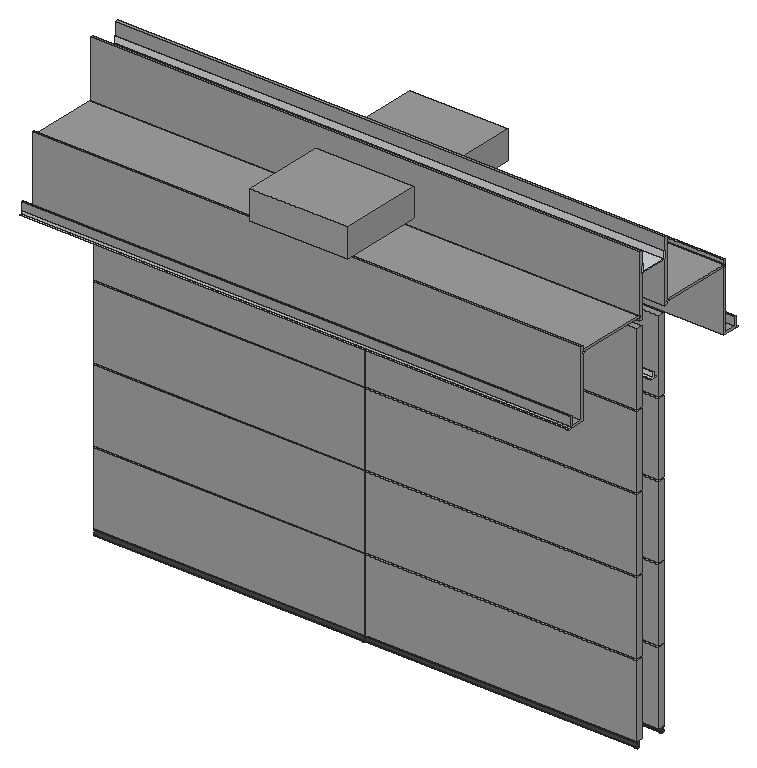
Revit family "Partition-5_Panels_High-Skyfold_Classic_Compact-8-1_to_10-0_FC_2450_to_3050", category Generic Models, host Ceiling, Revit 2026 (continued)
Definition of nested family "2D Unfold Panels"
  Automatic sketch dimensions
    plane 4 to curve 13 = 0' - 2.77214"
    curve 1 to plane 4 = 0' - 3.56444"
    curve 1 to curve 2 = 0' - 0"  (x2)
    curve 15 to plane 4 = 0' - 3.56444"
    curve 16 to curve 15 = 0' - 0"  (x2)
    plane 3 to curve 2 = 0' - 4.24641"
    plane 3 to curve 15 = 0' - 4.24641"
  Nested families (in)
    nested 1: "vert fin bas" at (-0.20492, -38.25643, 0), type "vert fin bas", in view "Ref. Level"
    nested 2: "vert biseau" at (0.14788, -19.00081, 0), type "vert biseau", in view "Ref. Level"
    nested 3: "vert levres" at (0.09582, 8.32838, 0), type "vert levres", in view "Ref. Level"
    nested 4: "vert levres" at (0.09582, 62.32838, 0), type "vert levres", in view "Ref. Level"
    nested 5: "vert biseau" at (0.14788, 34.99919, 0), type "vert biseau", in view "Ref. Level"
    nested 6: "vert fin haut" at (0.63211, 87.75643, 0), type "vert fin haut", in view "Ref. Level"
  Definition of nested family "vert fin bas"
    Parameters
      Wall thickness = 0' - 11 3/4"
      Assembly Code = ""
    Reference planes (in)
      plane 1 "Center (Front/Back)": y = 0
      plane 2: z = 0
      plane 3 "Center (Left/Right)": x = 0.40002
      plane 4: x = -5.47498
      plane 5: x = 6.27502
    Lines and regions (in)
      model lines, in view "Ref. Level"
        curve 1: arc (-5.46512, -5.84526, 0) -> (-5.03544, -6.27494, 0) -> (-4.60575, -5.84526, 0) r 0.42968
        curve 2: line (-5.47498, 0.00284, 0) -> (-5.47498, -4.27482, 0)
        curve 3: line (-5.47498, -4.27482, 0) -> (-5.22497, -4.27482, 0)
        curve 4: line (-5.22497, -4.27482, 0) -> (-5.46512, -5.84526, 0)
        curve 5: line (-4.60575, -5.84526, 0) -> (-4.85481, -4.24357, 0)
        curve 6: line (-4.85481, -4.24357, 0) -> (-4.24567, -4.24357, 0)
        curve 7: line (-4.24567, -4.24357, 0) -> (-3.22487, -3.22277, 0)
        curve 8: line (-3.22487, -3.22277, 0) -> (-3.22487, 0.00284, 0)
        curve 9: arc (0.90004, -6.01609, 0) -> (1.25205, -5.87118, 0) -> (1.40004, -5.52045, 0) r 0.50003
        curve 10: arc (1.40004, -5.52045, 0) -> (1.38599, -5.43168, 0) -> (1.33756, -5.35598, 0) r 0.21963
        curve 11: arc (-0.53754, -5.35598, 0) -> (-0.58597, -5.43168, 0) -> (-0.60002, -5.52045, 0) r 0.21963
        curve 12: arc (-0.60002, -5.52045, 0) -> (-0.45203, -5.87118, 0) -> (-0.10001, -6.01609, 0) r 0.50003
        curve 13: arc (0.15, -4.98096, 0) -> (0.23839, -4.94435, 0) -> (0.275, -4.85595, 0) r 0.12501
        curve 14: arc (0.52502, -4.85595, 0) -> (0.56163, -4.94435, 0) -> (0.65002, -4.98096, 0) r 0.12501
        curve 15: arc (-0.60004, -4.85595, 0) -> (-0.68843, -4.89257, 0) -> (-0.72505, -4.98096, 0) r 0.12501
        curve 16: arc (-0.72505, -5.51606, 0) -> (-0.54198, -5.95803, 0) -> (-0.10001, -6.14109, 0) r 0.62503
        curve 17: arc (0.90004, -6.14109, 0) -> (1.342, -5.95803, 0) -> (1.52507, -5.51606, 0) r 0.62503
        curve 18: arc (1.52507, -4.98096, 0) -> (1.48845, -4.89257, 0) -> (1.40006, -4.85595, 0) r 0.12501
        curve 19: line (-0.10001, -6.01609, 0) -> (0.90004, -6.01609, 0)
        curve 20: line (1.33756, -5.35598, 0) -> (-0.53754, -5.35598, 0)
        curve 21: line (0.65002, -4.98096, 0) -> (1.40006, -4.98096, 0)
        curve 22: line (1.40006, -4.98096, 0) -> (1.40006, -5.23097, 0)
        curve 23: line (1.40006, -5.23097, 0) -> (-0.60004, -5.23097, 0)
        curve 24: line (-0.60004, -5.23097, 0) -> (-0.60004, -4.98096, 0)
        curve 25: line (-0.60004, -4.98096, 0) -> (0.15, -4.98096, 0)
        curve 26: line (0.275, -4.85595, 0) -> (0.275, -3.23087, 0)
        curve 27: line (0.275, -3.23087, 0) -> (0.52502, -3.23087, 0)
        curve 28: line (0.52502, -3.23087, 0) -> (0.52502, -4.85595, 0)
        curve 29: line (-0.35003, -4.98096, 0) -> (-0.35003, -4.85595, 0)
        curve 30: line (-0.35003, -4.85595, 0) -> (-0.60004, -4.85595, 0)
        curve 31: line (-0.72505, -4.98096, 0) -> (-0.72505, -5.51606, 0)
        curve 32: line (-0.10001, -6.14109, 0) -> (0.90004, -6.14109, 0)
        curve 33: line (1.52507, -5.51606, 0) -> (1.52507, -4.98096, 0)
        curve 34: line (1.40006, -4.85595, 0) -> (1.15005, -4.85595, 0)
        curve 35: line (1.15005, -4.85595, 0) -> (1.15005, -4.98096, 0)
      detail lines, in view "Ref. Level"
        curve 36: arc (6.26516, -5.84526, 0) -> (5.83548, -6.27494, 0) -> (5.4058, -5.84526, 0) r 0.42968
        curve 37: line (6.27502, 0.00284, 0) -> (6.27502, -4.27482, 0)
        curve 38: line (6.27502, -4.27482, 0) -> (6.02501, -4.27482, 0)
        curve 39: line (6.02501, -4.27482, 0) -> (6.26516, -5.84526, 0)
        curve 40: line (5.4058, -5.84526, 0) -> (5.65485, -4.24357, 0)
        curve 41: line (5.65485, -4.24357, 0) -> (5.04571, -4.24357, 0)
        curve 42: line (5.04571, -4.24357, 0) -> (4.02491, -3.22277, 0)
        curve 43: line (4.02491, -3.22277, 0) -> (4.02491, 0.00284, 0)
    Dimensions and locks (in)
      equal spacing: plane 4, plane 3 "Center (Left/Right)", plane 5
      "Wall thickness": plane 4 to plane 5
    Automatic sketch dimensions
      curve 9 to curve 17 = 0' - 0"  (x2)
      curve 12 to curve 16 = 0' - 0"  (x2)
      curve 2 to plane 4 = 0' - 0"
      curve 37 to plane 5 = 0' - 0"
      plane 4 to curve 4 = 0' - 0.00986"
      curve 2 to curve 4 = 0' - 0 1/4"
      curve 1 to curve 1 = 0' - 0 55/128"
      curve 3 to curve 5 = 0' - 0.37016"
      curve 5 to curve 6 = 0' - 0.60914"
      curve 6 to curve 8 = 0' - 1.0208"
      curve 31 to plane 3 "Center (Left/Right)" = 0' - 1.12507"
      curve 15 to curve 24 = 0' - 0 1/8"
      curve 15 to curve 24 = 0' - 0"  (x2)
      curve 31 to curve 11 = 0' - 0.12503"
      curve 23 to curve 20 = 0' - 0 1/16"
      curve 12 to curve 11 = 0' - 0.21937"
      curve 24 to curve 29 = 0' - 0 1/4"
      curve 12 to plane 3 "Center (Left/Right)" = 0' - 0.50004"
      curve 13 to plane 3 "Center (Left/Right)" = 0' - 0.25002"
      curve 26 to plane 3 "Center (Left/Right)" = 0' - 0 1/8"
      plane 3 "Center (Left/Right)" to curve 28 = 0' - 0 1/8"
      curve 14 to curve 21 = 0' - 0 1/8"
      plane 3 "Center (Left/Right)" to curve 32 = 0' - 0 1/2"
      curve 14 to curve 34 = 0' - 0.50002"
      curve 9 to curve 10 = 0' - 0.28063"
      curve 10 to curve 20 = 0' - 0.15689"
      curve 10 to curve 10 = 0' - 0 1/16"
      curve 35 to curve 21 = 0' - 0 1/4"
      curve 18 to curve 21 = 0' - 0"
      curve 9 to curve 17 = 0' - 0.12503"
      curve 43 to plane 5 = 0' - 2.25011"
      curve 42 to plane 5 = 0' - 1.22931"
      curve 40 to plane 5 = 0' - 0.86922"
      curve 41 to curve 40 = 0' - 0.60914"
      curve 36 to curve 36 = 0' - 0 55/128"
      curve 38 to plane 5 = 0' - 0 1/4"
      plane 1 "Center (Front/Back)" to curve 32 = 0' - 6.14109"
      curve 32 to curve 19 = 0' - 0 1/8"
      curve 36 to curve 17 = 0' - 0.3292"
      curve 5 to curve 16 = 0' - 0.3292"
      curve 12 to curve 11 = 0' - 0.01076"
      curve 20 to curve 23 = 0' - 0 1/8"
      curve 22 to curve 33 = 0' - 0 1/4"
      curve 12 to curve 25 = 0' - 0.5351"
      curve 14 to curve 13 = 0' - 0 1/8"
      curve 1 to curve 3 = 0' - 1.57044"
      curve 36 to curve 39 = 0' - 1.57044"
      curve 38 to curve 42 = 0' - 0 1/32"
      curve 3 to curve 7 = 0' - 0 1/32"
      curve 13 to curve 26 = 0' - 1.62508"
      curve 41 to curve 42 = 0' - 1.0208"
      curve 6 to curve 7 = 0' - 1.0208"
      curve 8 to plane 1 "Center (Front/Back)" = 0' - 0.00284"
      curve 37 to plane 1 "Center (Front/Back)" = 0' - 0.00284"
      curve 2 to plane 1 "Center (Front/Back)" = 0' - 0.00284"
      curve 43 to plane 1 "Center (Front/Back)" = 0' - 0.00284"
  Definition of nested family "vert biseau"
    Parameters
      Wall thickness = 0' - 11 3/4"
      Assembly Code = ""
    Reference planes (in)
      plane 1 "Center (Front/Back)": y = 0
      plane 2: z = 0
      plane 3 "Center (Left/Right)": x = 0.04723
      plane 4: x = -5.82777
      plane 5: x = 5.92223
    Lines and regions (in)
      model lines, in view "Ref. Level"
        curve 1: line (-3.57766, -0.0343, 0) -> (-3.57766, 2.19877, 0)
        curve 2: line (-3.57766, 2.19877, 0) -> (-4.3797, 3.00081, 0)
        curve 3: line (-4.3797, 3.00081, 0) -> (-5.82777, 3.00081, 0)
        curve 4: line (-5.82777, 3.00081, 0) -> (-5.82777, -0.0343, 0)
        curve 5: line (-5.82777, 7.20679, 0) -> (-5.82777, 3.50083, 0)
        curve 6: line (-5.82777, 3.50083, 0) -> (-4.3797, 3.50083, 0)
        curve 7: line (-4.3797, 3.50083, 0) -> (-3.57766, 4.30287, 0)
        curve 8: line (-3.57766, 4.30287, 0) -> (-3.57766, 7.20679, 0)
      detail lines, in view "Ref. Level"
        curve 9: line (3.67212, -0.0343, 0) -> (3.67212, 2.19877, 0)
        curve 10: line (3.67212, 2.19877, 0) -> (4.47416, 3.00081, 0)
        curve 11: line (4.47416, 3.00081, 0) -> (5.92223, 3.00081, 0)
        curve 12: line (5.92223, 3.00081, 0) -> (5.92223, -0.0343, 0)
        curve 13: line (5.92223, 7.20679, 0) -> (5.92223, 3.50083, 0)
        curve 14: line (5.92223, 3.50083, 0) -> (4.47416, 3.50083, 0)
        curve 15: line (4.47416, 3.50083, 0) -> (3.67212, 4.30287, 0)
        curve 16: line (3.67212, 4.30287, 0) -> (3.67212, 7.20679, 0)
    Dimensions and locks (in)
      "Wall thickness": plane 4 to plane 5
      equal spacing: plane 4, plane 3 "Center (Left/Right)", plane 5
    Automatic sketch dimensions
      curve 5 to plane 4 = 0' - 0"
      curve 4 to plane 4 = 0' - 0"
      curve 13 to plane 5 = 0' - 0"
      curve 12 to plane 5 = 0' - 0"
      curve 3 to curve 2 = 0' - 1.44807"
      curve 7 to curve 2 = 0' - 0"
      curve 2 to curve 1 = 0' - 0.80204"
      curve 6 to curve 7 = 0' - 0.80204"  (x2)
      plane 1 "Center (Front/Back)" to curve 9 = 0' - 0.0343"
      curve 9 to curve 12 = 0' - 2.25011"
      curve 16 to curve 9 = 0' - 0"
      curve 9 to curve 11 = 0' - 0.80204"
      curve 15 to curve 10 = 0' - 0"
      plane 1 "Center (Front/Back)" to curve 12 = 0' - 0.0343"
      plane 1 "Center (Front/Back)" to curve 1 = 0' - 0.0343"
      plane 1 "Center (Front/Back)" to curve 4 = 0' - 0.0343"
      curve 10 to plane 1 "Center (Front/Back)" = 0' - 2.19877"
      curve 2 to plane 1 "Center (Front/Back)" = 0' - 2.19877"
      curve 9 to curve 12 = 0' - 0.80204"
      curve 1 to curve 4 = 0' - 0.80204"
      curve 3 to curve 5 = 0' - 0.50003"
      curve 11 to curve 14 = 0' - 0.50003"
      curve 14 to curve 16 = 0' - 0.80204"
      curve 7 to curve 5 = 0' - 2.90391"
      curve 15 to curve 13 = 0' - 2.90391"
      curve 5 to curve 8 = 0' - 0"
      curve 16 to curve 13 = 0' - 0"
  Definition of nested family "vert levres"
    Parameters
      Wall thickness = 0' - 11 3/4"
      Assembly Code = ""
    Reference planes (in)
      plane 1 "Center (Front/Back)": y = 0
      plane 2: z = 0
      plane 3 "Center (Left/Right)": x = 0.09928
      plane 4: x = -5.77572
      plane 5: x = 5.97428
    Lines and regions (in)
      model lines, in view "Ref. Level"
        curve 1: line (-5.52571, 3.18965, 0) -> (-5.52571, 2.67162, 0)
        curve 2: line (-5.52571, 2.67162, 0) -> (-5.52571, 3.18965, 0)
        curve 3: line (-5.52571, 3.18965, 0) -> (-5.77572, 3.18965, 0)
        curve 4: line (-5.77572, 3.18965, 0) -> (-5.77572, -0.10051, 0)
        curve 5: line (-5.77572, 6.75409, 0) -> (-5.77572, 3.68967, 0)
        curve 6: line (-5.77572, 3.68967, 0) -> (-3.52561, 3.68967, 0)
        curve 7: line (-3.52561, 3.68967, 0) -> (-3.52561, 6.75409, 0)
        curve 8: line (-3.52561, -0.10051, 0) -> (-3.52561, 2.67162, 0)
        curve 9: line (-3.52561, 2.67162, 0) -> (-5.52571, 2.67162, 0)
      detail lines, in view "Ref. Level"
        curve 10: line (5.72427, 3.18965, 0) -> (5.72427, 2.67162, 0)
        curve 11: line (5.72427, 2.67162, 0) -> (5.72427, 3.18965, 0)
        curve 12: line (5.72427, 3.18965, 0) -> (5.97428, 3.18965, 0)
        curve 13: line (5.97428, 3.18965, 0) -> (5.97428, -0.10051, 0)
        curve 14: line (5.97428, 6.75409, 0) -> (5.97428, 3.68967, 0)
        curve 15: line (5.97428, 3.68967, 0) -> (3.72417, 3.68967, 0)
        curve 16: line (3.72417, 3.68967, 0) -> (3.72417, 6.75409, 0)
        curve 17: line (3.72417, -0.10051, 0) -> (3.72417, 2.67162, 0)
        curve 18: line (3.72417, 2.67162, 0) -> (5.72427, 2.67162, 0)
    Dimensions and locks (in)
      equal spacing: plane 4, plane 3 "Center (Left/Right)", plane 5
      "Wall thickness": plane 4 to plane 5
    Automatic sketch dimensions
      curve 5 to plane 4 = 0' - 0"
      curve 4 to plane 4 = 0' - 0"
      curve 14 to plane 5 = 0' - 0"
      curve 13 to plane 5 = 0' - 0"
      plane 4 to curve 2 = 0' - 0 1/4"
      plane 4 to curve 7 = 0' - 2.25011"
      plane 1 "Center (Front/Back)" to curve 8 = 0' - 0.10051"
      curve 4 to curve 8 = 0' - 2.25011"
      curve 18 to plane 5 = 0' - 2.25011"
      curve 16 to curve 17 = 0' - 0"
      curve 11 to curve 12 = 0' - 0 1/4"
      plane 1 "Center (Front/Back)" to curve 4 = 0' - 0.10051"
      plane 1 "Center (Front/Back)" to curve 13 = 0' - 0.10051"
      plane 1 "Center (Front/Back)" to curve 17 = 0' - 0.10051"
      curve 9 to plane 1 "Center (Front/Back)" = 0' - 2.67162"
      curve 10 to plane 1 "Center (Front/Back)" = 0' - 2.67162"
      curve 1 to curve 4 = 0' - 0.51803"
      curve 10 to curve 10 = 0' - 0.51803"
      curve 8 to curve 7 = 0' - 1.01805"
      curve 12 to curve 14 = 0' - 0.50002"
      curve 14 to curve 14 = 0' - 3.06441"
      curve 5 to curve 5 = 0' - 3.06441"
      curve 5 to curve 7 = 0' - 0"
      curve 16 to curve 14 = 0' - 0"
  Definition of nested family "vert fin haut"
    Parameters
      Wall thickness = 0' - 11 3/4"
      Assembly Code = ""
    Reference planes (in)
      plane 1 "Center (Front/Back)": y = 0
      plane 2: z = 0
      plane 3 "Center (Left/Right)": x = -0.43701
      plane 4: x = -6.31201
      plane 5: x = 5.43799
    Lines and regions (in)
      detail lines, in view "Ref. Level"
        curve 1: arc (-6.30215, 5.84526, 0) -> (-5.87246, 6.27494, 0) -> (-5.44278, 5.84526, 0) r 0.42968
        curve 2: line (-6.31201, -0.00284, 0) -> (-6.31201, 4.27482, 0)
        curve 3: line (-6.31201, 4.27482, 0) -> (-6.06199, 4.27482, 0)
        curve 4: line (-6.06199, 4.27482, 0) -> (-6.30215, 5.84526, 0)
        curve 5: line (-5.44278, 5.84526, 0) -> (-5.69183, 4.24357, 0)
        curve 6: line (-5.69183, 4.24357, 0) -> (-5.0827, 4.24357, 0)
        curve 7: line (-5.0827, 4.24357, 0) -> (-4.06189, 3.22277, 0)
        curve 8: line (-4.06189, 3.22277, 0) -> (-4.06189, -0.00284, 0)
        curve 9: arc (5.42813, 5.84526, 0) -> (4.99845, 6.27494, 0) -> (4.56877, 5.84526, 0) r 0.42968
        curve 10: line (5.43799, -0.00284, 0) -> (5.43799, 4.27482, 0)
        curve 11: line (5.43799, 4.27482, 0) -> (5.18798, 4.27482, 0)
        curve 12: line (5.18798, 4.27482, 0) -> (5.42813, 5.84526, 0)
        curve 13: line (4.56877, 5.84526, 0) -> (4.81782, 4.24357, 0)
        curve 14: line (4.81782, 4.24357, 0) -> (4.20868, 4.24357, 0)
        curve 15: line (4.20868, 4.24357, 0) -> (3.18788, 3.22277, 0)
        curve 16: line (3.18788, 3.22277, 0) -> (3.18788, -0.00284, 0)
    Dimensions and locks (in)
      equal spacing: plane 4, plane 3 "Center (Left/Right)", plane 5
      "Wall thickness": plane 4 to plane 5
    Automatic sketch dimensions
      curve 2 to plane 4 = 0' - 0"
      curve 10 to plane 5 = 0' - 0"
      plane 4 to curve 1 = 0' - 0.00986"
      plane 4 to curve 3 = 0' - 0 1/4"
      curve 1 to curve 1 = 0' - 0 55/128"
      curve 3 to curve 5 = 0' - 0.37016"
      curve 5 to curve 6 = 0' - 0.60914"
      curve 6 to curve 8 = 0' - 1.0208"
      plane 1 "Center (Front/Back)" to curve 16 = 0' - 0.00284"
      curve 16 to curve 10 = 0' - 2.25011"
      curve 15 to plane 5 = 0' - 1.22931"
      curve 9 to plane 5 = 0' - 0.86922"
      curve 14 to curve 14 = 0' - 0.60914"
      curve 9 to curve 9 = 0' - 0 55/128"
      curve 12 to curve 10 = 0' - 0 1/4"
      plane 1 "Center (Front/Back)" to curve 10 = 0' - 0.00284"
      plane 1 "Center (Front/Back)" to curve 8 = 0' - 0.00284"
      plane 1 "Center (Front/Back)" to curve 2 = 0' - 0.00284"
      curve 16 to plane 1 "Center (Front/Back)" = 0' - 3.22277"
      curve 7 to plane 1 "Center (Front/Back)" = 0' - 3.22277"
      curve 15 to curve 14 = 0' - 1.0208"
      curve 7 to curve 5 = 0' - 1.0208"
      curve 5 to curve 3 = 0' - 0 1/32"
      curve 13 to curve 12 = 0' - 0 1/32"
      curve 2 to curve 1 = 0' - 1.57044"
      curve 10 to curve 12 = 0' - 1.57044"
Definition of nested family "Suspended Ceiling Component"
  Parameters
    Assembly Code = ""
  Reference planes (in)
    plane 1 "Centre (avant/arrière)": y = 0
    plane 2: z = 0
    plane 3 "Centre (gauche/droite)": x = 0
Definition of nested family "construction as per ASTM E557 Component"
  Parameters
    Assembly Code = ""
  Reference planes (in)
    plane 1 "Centre (avant/arrière)": y = 0
    plane 2: z = 0
    plane 3 "Centre (gauche/droite)": x = 0
Definition of nested family "Disclaimer Component"
  Parameters
    Assembly Code = ""
  Reference planes (in)
    plane 1 "Centre (avant/arrière)": y = 0
    plane 2: z = 0
    plane 3 "Centre (gauche/droite)": x = 0
Types (5): name | Total Panel Height | Panel Array | Center Pantograph Visibility | Total Wall Length | Pocket Width"E" | Pocket Depth"D" | Panel Length | Panel Height"F" | Offset From Ceiling | Center Pantographs | Number Of Panels | Motor Positionning | Height Between Panels | Distance Between Panels | Finished Ceiling"A" | Top Of Acoustic Barrier | Beam Height"B" | Acoustic Barrier"C"
  8'-  1" | 9' - 4" | 4 | yes | 45' - 0" | 4' - 6 3/4" | 1' - 8" | 11' - 2 1/8" | 1' - 10" | 0' - 0" | 3 | 4 | 16' - 10 15/16" | 1' - 10 1/2" | 11' - 2 5/8" | 8' - 1" | 12' - 0" | 10' - 8 1/2" | 9' - 8"
  9' - 0" | 10' - 3 1/4" | 4 | yes | 45' - 0" | 4' - 11 1/4" | 1' - 8 1/4" | 11' - 2 1/8" | 2' - 0 1/4" | 0' - 0" | 3 | 4 | 16' - 10 15/16" | 2' - 0 3/4" | 11' - 2 5/8" | 9' - 0" | 13' - 0" | 11' - 7 3/4" | 10' - 7 1/4"
  8' - 6" | 9' - 9" | 3 | yes | 32' - 0" | 4' - 8 3/4" | 1' - 8" | 10' - 7" | 1' - 11" | 0' - 3 1/32" | 2 | 3 | 16' - 0" | 1' - 11 1/2" | 10' - 7 1/2" | 8' - 6" | 12' - 0" | 11' - 1 1/2" | 10' - 1"
  9' - 6" | 10' - 9 1/2" | 2 | no | 16' - 0" | 5' - 1 3/4" | 1' - 8 1/2" | 7' - 10 3/4" | 2' - 1 1/2" | 0' - 3 1/32" | 2 | 2 | 8' - 0" | 2' - 2" | 7' - 11 1/4" | 9' - 6" | 13' - 0" | 12' - 2" | 11' - 1 1/2"
  10' - 0" | 11' - 2 1/2" | 3 | yes | 35' - 0" | 5' - 3 3/4" | 1' - 7 1/2" | 11' - 7" | 2' - 2 1/2" | 0' - 0" | 2 | 3 | 17' - 6" | 2' - 3" | 11' - 7 1/2" | 10' - 0" | 13' - 0" | 12' - 7" | 11' - 6 1/2"
